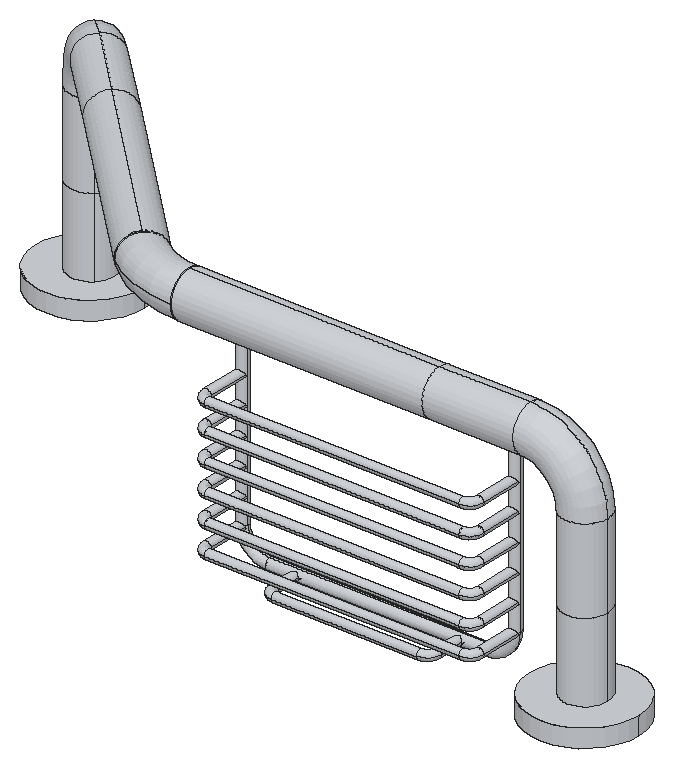
Revit family "Barra con canastillo HJ2005503", category Generic Models, host Face, Revit 2014
Parameters
  MODELO = "BARRA"
  MARCA = "WASSER"
  EMPRESA = "CHC COMERCIAL HISPANO CHILENA"
  Default Elevation = 1219.2 mm
  DIMENSIONES = ""
  CÓDIGO = "HJ2005503"
  ACCESORIO = "BARRA CON CANASTILLO"
Reference planes
  plane 1 "Center (Front/Back)": y = 0
  plane 2: z = 0
  plane 3 "Center (Left/Right)": x = 0
  plane 4: y = 110
  plane 5: y = -110
  plane 6: x = -241.121
  plane 7: x = 220
  plane 8: x = -30
  plane 9: z = 130
  plane 10: x = 151.016
  plane 11: x = 176.016
  plane 12: z = 118.401
  plane 13: x = 1.016
  plane 14: z = 13.401
Forms (mm)
  Extrusion 1, solid
    sketch origin (-17.895, 18.961, 0) x (1, 0, 0) y (0, 1, 0)
      loop
        circle (207.025, -98.961) r 30
    from 0 to 10
  Extrusion 2, solid
    sketch origin (-418.146, 178.961, 0) x (1, 0, 0) y (0, 1, 0)
      loop
        circle (207.025, -98.961) r 30
    from 0 to 10
  Sweep 3, solid
    path in 3D
      loop
        line (-29.807, -78.613, 130) -> (108.396, -78.613, 130) -> (158.396, -78.613, 130)
        arc (158.396, -78.613, 130) -> (179.61, -78.613, 121.213) -> (188.396, -78.613, 100) r 30
        line (188.396, -78.613, 100) -> (188.396, -78.613, 53.605) -> (188.396, -78.613, 10)
    profile origin (188.396, -78.613, 31.802) x (1, 0, 0) y (0, 1, 0)
      loop
        circle (0, 0) r 12.5
  Sweep 4, solid
    path in 3D
      loop
        arc (-29.807, -78.613, 130) -> (-49.069, -75.13, 130) -> (-65.89, -65.122, 130) r 55
    profile origin (-49.069, -75.13, 130) x (-0.350207, -0.936672, 0) y (0, 0, 1)
      loop
        circle (0, 0) r 12.5
  Sweep 5, solid
    path in 3D
      loop
        line (-65.138, -65.822, 130.031) -> (-153.493, 23.042, 130.031) -> (-188.746, 58.499, 130.031)
        arc (-188.746, 58.499, 130.031) -> (-203.703, 73.542, 121.244) -> (-209.899, 79.773, 100.031) r 30
        line (-209.899, 79.773, 100.031) -> (-209.899, 79.773, 53.636) -> (-209.899, 79.773, 10.031)
    profile origin (-209.899, 79.773, 31.833) x (1, 0, 0) y (0, 1, 0)
      loop
        circle (0, 0) r 12.5
  Sweep 6, solid
    path origin (0, -80, 0) x (1, 0, 0) y (0, 0, 1)
      loop
        line (151.016, 118.401) -> (151.016, 28.401)
        arc (151.016, 28.401) -> (146.623, 17.795) -> (136.016, 13.401) r 15
        line (136.016, 13.401) -> (16.016, 13.401)
        arc (16.016, 13.401) -> (5.41, 17.795) -> (1.016, 28.401) r 15
        line (1.016, 28.401) -> (1.016, 118.401)
    profile origin (151.016, -80, 73.401) x (0, -1, 0) y (1, 0, 0)
      loop
        circle (0, 0) r 3
  Sweep 7, solid
    path origin (0, 0, 27.724) x (1, 0, 0) y (0, 1, 0)
      loop
        line (1.016, -80) -> (1.016, -105)
        arc (1.016, -105) -> (2.481, -108.536) -> (6.016, -110) r 5
        line (6.016, -110) -> (146.016, -110)
        arc (146.016, -110) -> (149.552, -108.536) -> (151.016, -105) r 5
        line (151.016, -105) -> (151.016, -80)
    profile origin (1.016, -92.5, 27.724) x (1, 0, 0) y (0, 0, 1)
      loop
        circle (0, 0) r 2.5
  Sweep 8, solid
    path origin (0, 0, 42.724) x (1, 0, 0) y (0, 1, 0)
      loop
        line (1.016, -80) -> (1.016, -105)
        arc (1.016, -105) -> (2.481, -108.536) -> (6.016, -110) r 5
        line (6.016, -110) -> (146.016, -110)
        arc (146.016, -110) -> (149.552, -108.536) -> (151.016, -105) r 5
        line (151.016, -105) -> (151.016, -80)
    profile origin (1.016, -92.5, 42.724) x (1, 0, 0) y (0, 0, 1)
      loop
        circle (0, 0) r 2.5
  Sweep 9, solid
    path origin (0, 0, 57.724) x (1, 0, 0) y (0, 1, 0)
      loop
        line (1.016, -80) -> (1.016, -105)
        arc (1.016, -105) -> (2.481, -108.536) -> (6.016, -110) r 5
        line (6.016, -110) -> (146.016, -110)
        arc (146.016, -110) -> (149.552, -108.536) -> (151.016, -105) r 5
        line (151.016, -105) -> (151.016, -80)
    profile origin (1.016, -92.5, 57.724) x (1, 0, 0) y (0, 0, 1)
      loop
        circle (0, 0) r 2.5
  Sweep 10, solid
    path origin (0, 0, 72.724) x (1, 0, 0) y (0, 1, 0)
      loop
        line (1.016, -80) -> (1.016, -105)
        arc (1.016, -105) -> (2.481, -108.536) -> (6.016, -110) r 5
        line (6.016, -110) -> (146.016, -110)
        arc (146.016, -110) -> (149.552, -108.536) -> (151.016, -105) r 5
        line (151.016, -105) -> (151.016, -80)
    profile origin (1.016, -92.5, 72.724) x (1, 0, 0) y (0, 0, 1)
      loop
        circle (0, 0) r 2.5
  Sweep 11, solid
    path origin (0, 0, 87.724) x (1, 0, 0) y (0, 1, 0)
      loop
        line (1.016, -80) -> (1.016, -105)
        arc (1.016, -105) -> (2.481, -108.536) -> (6.016, -110) r 5
        line (6.016, -110) -> (146.016, -110)
        arc (146.016, -110) -> (149.552, -108.536) -> (151.016, -105) r 5
        line (151.016, -105) -> (151.016, -80)
    profile origin (1.016, -92.5, 87.724) x (1, 0, 0) y (0, 0, 1)
      loop
        circle (0, 0) r 2.5
  Sweep 12, solid
    path origin (0, 0, 102.724) x (1, 0, 0) y (0, 1, 0)
      loop
        line (1.016, -80) -> (1.016, -105)
        arc (1.016, -105) -> (2.481, -108.536) -> (6.016, -110) r 5
        line (6.016, -110) -> (146.016, -110)
        arc (146.016, -110) -> (149.552, -108.536) -> (151.016, -105) r 5
        line (151.016, -105) -> (151.016, -80)
    profile origin (1.016, -92.5, 102.724) x (1, 0, 0) y (0, 0, 1)
      loop
        circle (0, 0) r 2.5
  Sweep 13, solid
    path origin (-0.038, 0, 13.403) x (1, 0, 0) y (0, 1, 0)
      loop
        line (31.016, -79.784) -> (31.016, -96.522)
        arc (31.016, -96.522) -> (32.481, -100.057) -> (36.016, -101.522) r 5
        line (36.016, -101.522) -> (116.016, -101.522)
        arc (116.016, -101.522) -> (119.552, -100.057) -> (121.016, -96.522) r 5
        line (121.016, -96.522) -> (121.016, -79.591)
    profile origin (30.978, -88.153, 13.403) x (1, 0, 0) y (0, 0, 1)
      loop
        circle (0, 0) r 2.5
Lines and regions (mm)
  sketch lines
    curve 1: line (188.396, -78.613, 53.605) -> (188.396, -78.613, 10)
    curve 2: line (188.396, -78.613, 100) -> (188.396, -78.613, 53.605)
    curve 3: arc (158.396, -78.613, 130) -> (179.61, -78.613, 121.213) -> (188.396, -78.613, 100) r 30
    curve 4: line (108.396, -78.613, 130) -> (158.396, -78.613, 130)
    curve 5: line (-29.807, -78.613, 130) -> (108.396, -78.613, 130)
    curve 6: arc (-29.807, -78.613, 130) -> (-49.069, -75.13, 130) -> (-65.89, -65.122, 130) r 55
    curve 7: line (-209.899, 79.773, 53.636) -> (-209.899, 79.773, 10.031)
    curve 8: line (-209.899, 79.773, 100.031) -> (-209.899, 79.773, 53.636)
    curve 9: arc (-188.746, 58.499, 130.031) -> (-203.703, 73.542, 121.244) -> (-209.899, 79.773, 100.031) r 30
    curve 10: line (-153.493, 23.042, 130.031) -> (-188.746, 58.499, 130.031)
    curve 11: line (-65.138, -65.822, 130.031) -> (-153.493, 23.042, 130.031)
Dimensions and locks
  aligned and locked: plane 2 to host face
  aligned and locked: level to host face
